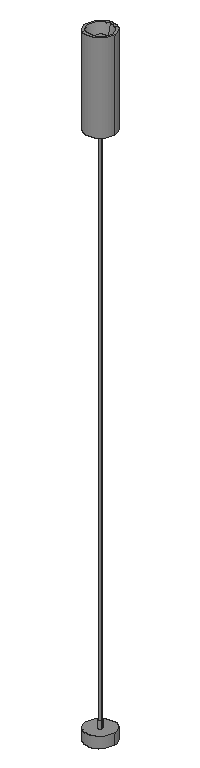
Revit family "2061000 Sylvania Lighting Fixture TubiXx LED pendant 2700K black-gold", category Lighting Fixtures, host Face, Revit 2016
Family settings
  Host = Face
  Part Type = Normal
  Round Connector Dimension = Use Diameter
  OmniClass Number = 23.80.70.00
  OmniClass Title = Lighting
  Cut with Voids When Loaded = No
  Light Source = Yes
  Shared = No
  Room Calculation Point = No
Parameters (values of type "2061000 TUBIXX LED PENDANT 2700K BLACK-GOLD")
  Weight = "n/a"
  Wattage Comments = ""
  Wattage = 9.2903 W
  WarrantyStartDate [instance] = "n/a"
  WarrantyGuarantorParts = "n/a"
  WarrantyDurationUnit = "n/a"
  WarrantyDurationParts = ""
  WarrantyDescription = "http://www.sylvania-lighting.com"
  built-in parameter 1150110 = 1 (stored number, unit not read)
  Voltage = 0 V
  URL = "0.95"
  TypeName = "TubiXx LED pendant 2700K black-gold"
  Type Image = <None>
  Type Comments = "n/a"
  Tube Length = 250 mm
  Tube Diameter = 80 mm
  built-in parameter 1114217 = 1 (stored number, unit not read)
  Tilt Angle = 90.00°
  built-in parameter 1150109 = 1 (stored number, unit not read)
  built-in parameter 1150134 = 3
  built-in parameter 1150113 = 1 (stored number, unit not read)
  SerialNumber [instance] = "n/a"
  Recess Depth = 28.015 mm
  Photometric Web File = "2061000.ies"
  Material_3_FEILO = none
  PowerFactor = 0
  PowerConsumption = "Lighting"
  NominalLength = 0 mm
  NominalHeight = 0 mm
  NominalDepth = 0 mm
  Name = "TubiXx LED pendant 2700K black-gold"
  ModelReference = Name  # "TubiXx LED pendant 2700K black-gold"
  ModelNumber = "2061000"
  Model = Name  # "TubiXx LED pendant 2700K black-gold"
  Material = "Feilo Sylvania"
  ManufacturerName = "82 lm/W"
  Manufacturer = ""
  LuminousEfficacy = ""
  built-in parameter 1150105 = 109.82 (stored number, unit not read)
  Lumens = 1380 lm
  LuminaireType = "0"
  built-in parameter 1150115 = 1 (stored number, unit not read)
  LightOutputRatio = "LED"
  built-in parameter 1150137 = (empty or 0)
  built-in parameter 1150139 = (empty or 0)
  LampsType = Lamp  # "n/a"
  LampNominalLuminous = "2700 K"
  LampMacAdamStep = "92"
  LampColourTemperature = "LED"
  LampColourRenderingIndex = "16500"
  built-in parameter 1150112 = 1 (stored number, unit not read)
  built-in parameter 1150114 = 1 (stored number, unit not read)
  Lamp = "n/a"
  Keynote = "n/a"
  InstallationDate [instance] = "n/a"
  InputVoltage = "0"
  InputNominalFrequency = "2700"
  built-in parameter 1150132 = (empty or 0)
  built-in parameter 1150102 = (empty or 0)
  built-in parameter 1150107 = 3200 (stored number, unit not read)
  built-in parameter 1150138 = (empty or 0)
  IngressProtection = "IfcLightFixtureType"
  ImpactProtectionIndex = "IfcLightFixtureType"
  built-in parameter 1150106 = 1.0982 (stored number, unit not read)
  IfcExportType = "IfcLightFixtureType"
  IfcExportAs = "Class I"
  ExpectedLife = 50000
  Emit from Circle Diameter = 609.6 mm
  Emit Shape Visible in Rendering = no
  ElectricShockClassification = "82"
  built-in parameter 1150104 = 13.8 (stored number, unit not read)
  DurationUnit = "hours"
  DocumentationLiterature = "http://www.sylvania-lighting.com/product/en-int/products/2061000"
  DimmingControlOptions = "n/a"
  Material_2_FEILO = none
  Dimming Lamp Color Temperature Shift = <None>
  Description = "TubiXx LED Pendant is a decorative pendant fixture with integrated driver, equipped with an integrated non-dimmable LED driver, Black finish with Gold reflector, colour temperature 2700K, 14W, 1152lm, 82lm/W, IP20, IK02, Class I. Dimensions 250mmx80mm."
  Default Elevation = 1219.2 mm
  CreatedOn = "22/11/2019"
  CreatedBy = "@sylvania-lighting.com"
  Cost = 0
  Color Filter = 16777215
  built-in parameter 1114216 [instance] = (empty or 0)
  ClassificationValue = "EF_70_80"
  ClassificationName = "Uniclass2015"
  Material_1_FEILO = none
  Ceiling Rose Depth = 30 mm
  Cable Length = 1500 mm
  BarCode [instance] = "n/a"
  built-in parameter 1114218 = 1 (stored number, unit not read)
  built-in parameter 1150133 = 10 (stored number, unit not read)
  AssetType = "Fixed"
  AssetIdentifier [instance] = "n/a"
  Assembly Code = "D5020200"
  Apparent Load = 14 VA
  Material_4_FEILO = none
Reference planes
  plane 1 "Center (Front/Back)": y = 0
  plane 2: z = 0
  plane 3 "Center (Left/Right)": x = 0
  plane 4: x = 40
  plane 5: x = -40
  plane 6: y = 40
  plane 7: y = -40
  plane 8: z = 0
  plane 9: z = 30.144
  plane 10: z = 1530.144
  plane 11: z = 1752.129
  plane 12: z = 1780.144
Forms (mm)
  Extrusion 1, solid, material "Aluminum", detail levels medium+fine
    sketch origin (4.2, 0, 0) x (1, 0, 0) y (0, 1, 0)
      loop
        circle (-4.2, 0) r 40
    from 1530.144 to 1780.144
  Blend 2, void
    base sketch origin (4.2, 0, 0) x (0, 1, 0) y (-1, 0, 0)
      loop
        circle (0, 4.2) r 25
    top sketch origin (4.2, 0, 0) x (0, 1, 0) y (-1, 0, 0)
      loop
        circle (0, 4.2) r 34
    from 1752.144 to 1780.144
  Extrusion 3, solid, material "Plastic, Opaque Black", detail levels fine
    sketch origin (3.621, -0.001, 1239.938) x (0, 1, 0) y (1, 0, 0)
      loop
        circle (0.002, -3.635) r 6
    from -290.206 to -270.206
  Extrusion 4, solid, detail levels coarse
    sketch origin (4.25, 0.033, 1530.144) x (0, 1, 0) y (1, 0, 0)
      loop
        line (39.967, 35.75) -> (-40.071, 35.75) -> (-40.071, -44.142) -> (39.967, -44.142) -> (39.967, 35.75)
    from -250 to 1530.144
  Extrusion 5, solid, material "Glass, White, High Luminance", detail levels fine
    sketch origin (4.2, 0, 1752.144) x (0, 1, 0) y (-1, 0, 0)
      loop
        circle (0.004, 4.166) r 25.024
    from 0 to 2
  Extrusion 6, solid, material "Fabric", detail levels medium+fine
    sketch origin (3.621, -0.001, 1219.938) x (-1, 0, 0) y (0, 1, 0)
      loop
        circle (3.63, 0.003) r 3.5
    from -310.206 to 1189.938
  Extrusion 7, solid, material "Plastic, Opaque Black", detail levels fine
    sketch origin (4.2, 0, 30) x (1, 0, 0) y (0, 1, 0)
      loop
        circle (-4.215, 0.002) r 6
    from 0 to 20
  Extrusion 8, solid, material "Aluminum", detail levels medium+fine
    sketch origin (4.2, 0, 0) x (1, 0, 0) y (0, 1, 0)
      loop
        circle (-4.2, 0) r 40
    from 0 to 30
Cuts and joins
  Blend 2 cuts Extrusion 1
Dimensions and locks
  "Tube Diameter": plane 5 to plane 4
  equal spacing: plane 5, plane 3 "Center (Left/Right)", plane 4, locked at 40 each
  "Tube Diameter": plane 6 to plane 7
  equal spacing: plane 6, plane 1 "Center (Front/Back)", plane 7, locked at 40 each
  "Cable Length": plane 10 to plane 9
  "Recess Depth": plane 12 to plane 11
  "Tube Length": plane 12 to plane 10
  aligned and locked: plane 2 to host face
  aligned and locked: level to host face
  aligned and locked: Extrusion 4 to cut or joined group of Extrusion 1, Blend 2
Automatic sketch dimensions
  host sketch curve to host sketch curve = 2438.4 mm  (x2)
  plane 1 "Center (Front/Back)" to Extrusion 1 sketch curve = 0 mm
  Extrusion 1 sketch curve to plane 3 "Center (Left/Right)" = 0 mm
  plane 1 "Center (Front/Back)" to Blend 2 sketch curve = 0 mm  (x2)
  Blend 2 sketch curve to plane 3 "Center (Left/Right)" = 0 mm  (x2)
  Extrusion 4 sketch curve to Extrusion 4 sketch curve = 80.038 mm
  Extrusion 4 sketch curve to Extrusion 4 sketch curve = 79.892 mm
  Extrusion 7 sketch curve to plane 1 "Center (Front/Back)" = 0.002 mm
  Extrusion 7 sketch curve to plane 3 "Center (Left/Right)" = 0.015 mm
  plane 1 "Center (Front/Back)" to Extrusion 8 sketch curve = 0 mm
  Extrusion 8 sketch curve to plane 3 "Center (Left/Right)" = 0 mm
  radius of Extrusion 1 sketch curve = 40 mm
  radius of Blend 2 sketch curve = 25 mm
  radius of Blend 2 sketch curve = 34 mm
  radius of Extrusion 3 sketch curve = 6 mm
  radius of Extrusion 5 sketch curve = 25.024 mm
  radius of Extrusion 6 sketch curve = 3.5 mm
  radius of Extrusion 7 sketch curve = 6 mm
  radius of Extrusion 8 sketch curve = 40 mm
Connectors
  electrical at (0, 0, 0)
    settings: on Extrusion 8, index 1, voltage 0 V, apparent load 0 VA, apparent load phase1 0 VA, apparent load phase2 0 VA, apparent load phase3 0 VA, power factor 1, load classification "Other", number of poles 1, system type 31, power factor state 1, is connector primary yes, connector utility no, sub classification motor no, connector description ""
